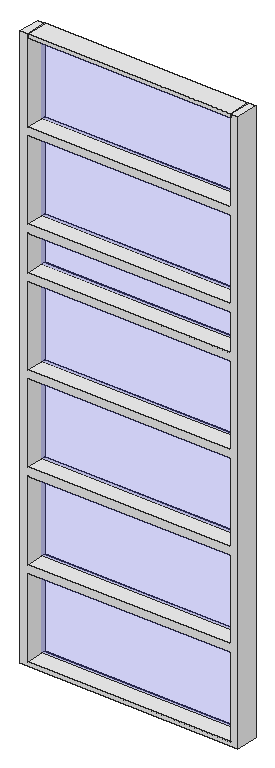
Revit family
Parameters (values of type "ACW2")
  창 패널 = ACW2 창 패널
  창 프레임 = ACW2 창 프레임
  높이 2 = 높이 1 * 2  # 600 mm
  높이 1 = Height / 13  # 300 mm
  Height = 3900 mm
  기본 씰 높이 = 0 mm
  Wall Closure = (empty or 0)
  Width = 1500 mm
  창 두께 = 150 mm
Types (3, lengths in mm): name | 창 패널 | 창 프레임
  (no name) | ACW2 창 패널 | ACW2 창 프레임
  ACW2 | ACW2 창 패널 | ACW2 창 프레임
  ACW2A | ACW2A 창 패널 | ACW2A 창 프레임
Reference planes
  plane 1: y = 0
  plane 2 "중심(왼쪽/오른쪽)": x = 0
  plane 3 "왼쪽": x = -750
  plane 4 "오른쪽": x = 750
  plane 5 "씰": z = 0
  plane 6 "헤드": z = 3900
  plane 7 "외부": y = 100
  plane 8 "내부": y = -100
  plane 9: z = 3300
  plane 10: z = 2700
  plane 11: z = 2400
  plane 12: z = 1800
  plane 13: z = 1200
  plane 14: z = 600
  plane 15: y = -75
  plane 16: y = 75
  plane 17: y = 66
  plane 18: y = 44
  plane 19: y = 35
  plane 20: x = -700
  plane 21: x = 700
  plane 22: z = 575
  plane 23: z = 625
  plane 24: z = 1175
  plane 25: z = 1225
  plane 26: z = 1775
  plane 27: z = 1825
  plane 28: z = 2375
  plane 29: z = 2425
  plane 30: z = 2725
  plane 31: z = 2675
  plane 32: z = 3275
  plane 33: z = 3325
  plane 34: z = 25
  plane 35: z = 3875
Forms (mm)
  Extrusion 1, solid, material "ACW2 창 프레임" <- "창 프레임"
    sketch origin (-2165.69, 265, 1175) x (0, 1, 0) y (1, 0, 0)
      loop
        line (-190, 2865.69) -> (-340, 2865.69) -> (-340, 1465.69) -> (-190, 1465.69) -> (-190, 2865.69)
    from 0 to -50
  Extrusion 2, solid, material "ACW2 창 프레임" <- "창 프레임"
    sketch origin (-2165.69, 265, 575) x (0, 1, 0) y (1, 0, 0)
      loop
        line (-190, 2865.69) -> (-340, 2865.69) -> (-340, 1465.69) -> (-190, 1465.69) -> (-190, 2865.69)
    from 0 to -50
  Extrusion 3, solid, material "ACW2 창 프레임" <- "창 프레임"
    sketch origin (-2165.69, 265, 1775) x (0, 1, 0) y (1, 0, 0)
      loop
        line (-190, 2865.69) -> (-340, 2865.69) -> (-340, 1465.69) -> (-190, 1465.69) -> (-190, 2865.69)
    from 0 to -50
  Extrusion 4, solid, material "ACW2 창 프레임" <- "창 프레임"
    sketch origin (-2165.69, 265, 2375) x (0, 1, 0) y (1, 0, 0)
      loop
        line (-190, 2865.69) -> (-340, 2865.69) -> (-340, 1465.69) -> (-190, 1465.69) -> (-190, 2865.69)
    from 0 to -50
  Extrusion 5, solid, material "ACW2 창 프레임" <- "창 프레임"
    sketch origin (-2165.69, 265, 2975) x (0, 1, 0) y (1, 0, 0)
      loop
        line (-190, 2865.69) -> (-340, 2865.69) -> (-340, 1465.69) -> (-190, 1465.69) -> (-190, 2865.69)
    from 300 to 250
  Extrusion 6, solid, material "ACW2 창 프레임" <- "창 프레임"
    sketch origin (-2165.69, 265, 3575) x (0, 1, 0) y (1, 0, 0)
      loop
        line (-190, 2865.69) -> (-340, 2865.69) -> (-340, 1465.69) -> (-190, 1465.69) -> (-190, 2865.69)
    from 300 to 250
  Extrusion 7, solid, material "ACW2 창 패널" <- "창 패널"
    sketch origin (0, 0, 0) x (1, 0, 0) y (0, 1, 0)
      loop
        line (-700, 66) -> (-700, 44) -> (700, 44) -> (700, 66) -> (-700, 66)
    from 25 to 575
  Extrusion 8, solid, material "ACW2 창 패널" <- "창 패널"
    sketch origin (0, 0, 575) x (1, 0, 0) y (0, 1, 0)
      loop
        line (-700, 66) -> (-700, 44) -> (700, 44) -> (700, 66) -> (-700, 66)
    from 50 to 600
  Extrusion 9, solid, material "ACW2 창 패널" <- "창 패널"
    sketch origin (0, 0, 1175) x (1, 0, 0) y (0, 1, 0)
      loop
        line (-700, 66) -> (-700, 44) -> (700, 44) -> (700, 66) -> (-700, 66)
    from 50 to 600
  Extrusion 10, solid, material "ACW2 창 패널" <- "창 패널"
    sketch origin (0, 0, 1775) x (1, 0, 0) y (0, 1, 0)
      loop
        line (-700, 66) -> (-700, 44) -> (700, 44) -> (700, 66) -> (-700, 66)
    from 50 to 600
  Extrusion 11, solid, material "ACW2 창 패널" <- "창 패널"
    sketch origin (0, 0, 2375) x (1, 0, 0) y (0, 1, 0)
      loop
        line (-700, 66) -> (-700, 44) -> (700, 44) -> (700, 66) -> (-700, 66)
    from 50 to 300
  Extrusion 12, solid, material "ACW2 창 패널" <- "창 패널"
    sketch origin (0, 0, 2975) x (1, 0, 0) y (0, 1, 0)
      loop
        line (-700, 66) -> (-700, 44) -> (700, 44) -> (700, 66) -> (-700, 66)
    from -250 to 300
  Extrusion 13, solid, material "ACW2 창 패널" <- "창 패널"
    sketch origin (0, 0, 3575) x (1, 0, 0) y (0, 1, 0)
      loop
        line (-700, 66) -> (-700, 44) -> (700, 44) -> (700, 66) -> (-700, 66)
    from -250 to 300
  Extrusion 14, solid, material "ACW2 창 프레임" <- "창 프레임"
    sketch origin (0, 0, 0) x (1, 0, 0) y (0, 1, 0)
      loop
        line (-750, 75) -> (-750, -75) -> (-700, -75) -> (-700, 75) -> (-750, 75)
      loop
        line (700, 75) -> (700, -75) -> (750, -75) -> (750, 75) -> (700, 75)
    from 0 to 3900
  Extrusion 15, solid, material "ACW2 창 프레임" <- "창 프레임"
    sketch origin (-2165.69, 265, 0) x (0, 1, 0) y (1, 0, 0)
      loop
        line (-190, 2865.69) -> (-340, 2865.69) -> (-340, 1465.69) -> (-190, 1465.69) -> (-190, 2865.69)
    from 0 to -25
  Extrusion 16, solid, material "ACW2 창 프레임" <- "창 프레임"
    sketch origin (-2165.69, 265, 5050) x (0, 1, 0) y (1, 0, 0)
      loop
        line (-190, 2865.69) -> (-340, 2865.69) -> (-340, 1465.69) -> (-190, 1465.69) -> (-190, 2865.69)
    from 1175 to 1150
Cuts and joins
  joined: Extrusion 1, Extrusion 2, Extrusion 3, Extrusion 4, Extrusion 5, Extrusion 6, Extrusion 14, Extrusion 15
Lines and regions (mm)
  Opening 1
    outline origin (3500, -100, 0) x (1, 0, 0) y (0, 0, 1)
      loop
        line (-2750, 0) -> (-2750, 3900) -> (-4250, 3900) -> (-4250, 0) -> (-2750, 0)
Text (mm)
  text "외부" at (-1963.203, 1332.353, 0), in view "참조 레벨"
  text "내부" at (-1981.466, -818.386, 0), in view "참조 레벨"
  text "외부" at (0, 923.751, 2943.296), in view "오른쪽"
  text "외부" at (0, 1040.484, 2685.409), in view "왼쪽"
Dimensions and locks
  equal spacing: plane 3 "왼쪽", plane 2 "중심(왼쪽/오른쪽)", plane 4 "오른쪽"
  "Width": plane 3 "왼쪽" to plane 4 "오른쪽"
  "Height": plane 5 "씰" to plane 6 "헤드"
  "기본 씰 높이": plane 5 "씰" to level
  locked: plane 7 "외부" to host wall at 0
  locked: plane 8 "내부" to host wall
  "창 두께": plane 16 to plane 15
  equal spacing: plane 16, plane 1, plane 15
  plane 16 to plane 17 to plane 18 to plane 19 = 9 mm locked, 22 mm locked, 9 mm locked
  locked: plane 3 "왼쪽" to plane 20 at 50
  locked: plane 21 to plane 4 "오른쪽" at 50
  locked: plane 35 to plane 6 "헤드" at 25
  locked: plane 5 "씰" to plane 34 at 25
  plane 32 to plane 9 to plane 33 = 25 mm locked, 25 mm locked
  plane 31 to plane 10 to plane 30 = 25 mm locked, 25 mm locked
  plane 28 to plane 11 to plane 29 = 25 mm locked, 25 mm locked
  plane 26 to plane 12 to plane 27 = 25 mm locked, 25 mm locked
  plane 24 to plane 13 to plane 25 = 25 mm locked, 25 mm locked
  plane 22 to plane 14 to plane 23 = 25 mm locked, 25 mm locked
  "높이 2": plane 9 to plane 6 "헤드"
  "높이 2": plane 10 to plane 9
  "높이 1": plane 11 to plane 10
  "높이 2": plane 12 to plane 11
  "높이 2": plane 13 to plane 12
  "높이 2": plane 14 to plane 13
  aligned and locked: Extrusion 7 to plane 22
  aligned and locked: Extrusion 8 to plane 24
  aligned and locked: plane 3 "왼쪽" to Extrusion 14 sketch curve
  aligned and locked: Extrusion 14 sketch curve to plane 16
  aligned and locked: plane 15 to Extrusion 14 sketch curve
  aligned and locked: plane 4 "오른쪽" to Extrusion 14 sketch curve
  aligned and locked: Extrusion 14 to host wall
  aligned and locked: Extrusion 16 to host wall
  aligned and locked: plane 35 to Extrusion 16
  aligned and locked: plane 31 to Extrusion 5
  aligned and locked: Extrusion 5 to plane 30
  aligned and locked: Extrusion 11 to plane 31
  aligned and locked: plane 30 to Extrusion 12
  aligned and locked: Extrusion 12 to plane 32
  aligned and locked: plane 32 to Extrusion 6
  aligned and locked: Extrusion 6 to plane 33
  aligned and locked: plane 33 to Extrusion 13
  aligned and locked: Extrusion 13 to plane 35
  aligned and locked: plane 34 to Extrusion 15
  aligned and locked: plane 5 "씰" to Extrusion 15
  aligned and locked: Extrusion 7 to plane 34
  aligned and locked: plane 5 "씰" to Extrusion 14
  aligned and locked: Extrusion 16 to plane 6 "헤드"
  aligned and locked: Extrusion 4 to plane 29
  aligned and locked: plane 28 to Extrusion 4
  aligned and locked: plane 29 to Extrusion 11
  aligned and locked: Extrusion 10 to plane 28
  aligned and locked: Extrusion 3 to plane 27
  aligned and locked: plane 26 to Extrusion 3
  aligned and locked: plane 27 to Extrusion 10
  aligned and locked: Extrusion 9 to plane 26
  aligned and locked: Extrusion 1 to plane 25
  aligned and locked: plane 24 to Extrusion 1
  aligned and locked: plane 25 to Extrusion 9
  aligned and locked: Extrusion 2 to plane 23
  aligned and locked: plane 22 to Extrusion 2
  aligned and locked: plane 23 to Extrusion 8
  aligned and locked: plane 6 "헤드" to Opening 1 sketch curve
  aligned and locked: plane 4 "오른쪽" to Opening 1 sketch curve
  aligned and locked: plane 3 "왼쪽" to Opening 1 sketch curve
  aligned and locked: Opening 1 sketch curve to level
Automatic sketch dimensions
  Extrusion 1 sketch curve to plane 15 = 0 mm
  Extrusion 1 sketch curve to plane 16 = 0 mm
  Extrusion 1 sketch curve to plane 21 = 0 mm
  Extrusion 1 sketch curve to plane 20 = 0 mm
  Extrusion 2 sketch curve to plane 15 = 0 mm
  Extrusion 2 sketch curve to plane 16 = 0 mm
  Extrusion 2 sketch curve to plane 21 = 0 mm
  Extrusion 2 sketch curve to plane 20 = 0 mm
  Extrusion 3 sketch curve to plane 15 = 0 mm
  Extrusion 3 sketch curve to plane 16 = 0 mm
  Extrusion 3 sketch curve to plane 21 = 0 mm
  Extrusion 3 sketch curve to plane 20 = 0 mm
  Extrusion 4 sketch curve to plane 15 = 0 mm
  Extrusion 4 sketch curve to plane 16 = 0 mm
  Extrusion 4 sketch curve to plane 21 = 0 mm
  Extrusion 4 sketch curve to plane 20 = 0 mm
  Extrusion 5 sketch curve to plane 15 = 0 mm
  Extrusion 5 sketch curve to plane 16 = 0 mm
  Extrusion 5 sketch curve to plane 21 = 0 mm
  Extrusion 5 sketch curve to plane 20 = 0 mm
  Extrusion 6 sketch curve to plane 15 = 0 mm
  Extrusion 6 sketch curve to plane 16 = 0 mm
  Extrusion 6 sketch curve to plane 21 = 0 mm
  Extrusion 6 sketch curve to plane 20 = 0 mm
  Extrusion 7 sketch curve to plane 18 = 0 mm
  Extrusion 7 sketch curve to plane 20 = 0 mm
  Extrusion 7 sketch curve to plane 21 = 0 mm
  Extrusion 7 sketch curve to plane 17 = 0 mm
  Extrusion 8 sketch curve to plane 18 = 0 mm
  Extrusion 8 sketch curve to plane 20 = 0 mm
  Extrusion 8 sketch curve to plane 21 = 0 mm
  Extrusion 8 sketch curve to plane 17 = 0 mm
  Extrusion 9 sketch curve to plane 18 = 0 mm
  Extrusion 9 sketch curve to plane 20 = 0 mm
  Extrusion 9 sketch curve to plane 21 = 0 mm
  Extrusion 9 sketch curve to plane 17 = 0 mm
  Extrusion 10 sketch curve to plane 18 = 0 mm
  Extrusion 10 sketch curve to plane 20 = 0 mm
  Extrusion 10 sketch curve to plane 21 = 0 mm
  Extrusion 10 sketch curve to plane 17 = 0 mm
  Extrusion 11 sketch curve to plane 18 = 0 mm
  Extrusion 11 sketch curve to plane 20 = 0 mm
  Extrusion 11 sketch curve to plane 21 = 0 mm
  Extrusion 11 sketch curve to plane 17 = 0 mm
  Extrusion 12 sketch curve to plane 18 = 0 mm
  Extrusion 12 sketch curve to plane 20 = 0 mm
  Extrusion 12 sketch curve to plane 21 = 0 mm
  Extrusion 12 sketch curve to plane 17 = 0 mm
  Extrusion 13 sketch curve to plane 18 = 0 mm
  Extrusion 13 sketch curve to plane 20 = 0 mm
  Extrusion 13 sketch curve to plane 21 = 0 mm
  Extrusion 13 sketch curve to plane 17 = 0 mm
  Extrusion 15 sketch curve to plane 15 = 0 mm
  Extrusion 15 sketch curve to plane 16 = 0 mm
  Extrusion 15 sketch curve to plane 21 = 0 mm
  Extrusion 15 sketch curve to plane 20 = 0 mm
  Extrusion 16 sketch curve to plane 15 = 0 mm
  Extrusion 16 sketch curve to plane 16 = 0 mm
  Extrusion 16 sketch curve to plane 21 = 0 mm
  Extrusion 16 sketch curve to plane 20 = 0 mm
  Extrusion 14 sketch curve to plane 15 = 0 mm
  Extrusion 14 sketch curve to plane 20 = 0 mm
  Extrusion 14 sketch curve to plane 16 = 0 mm
  Extrusion 14 sketch curve to plane 21 = 0 mm
